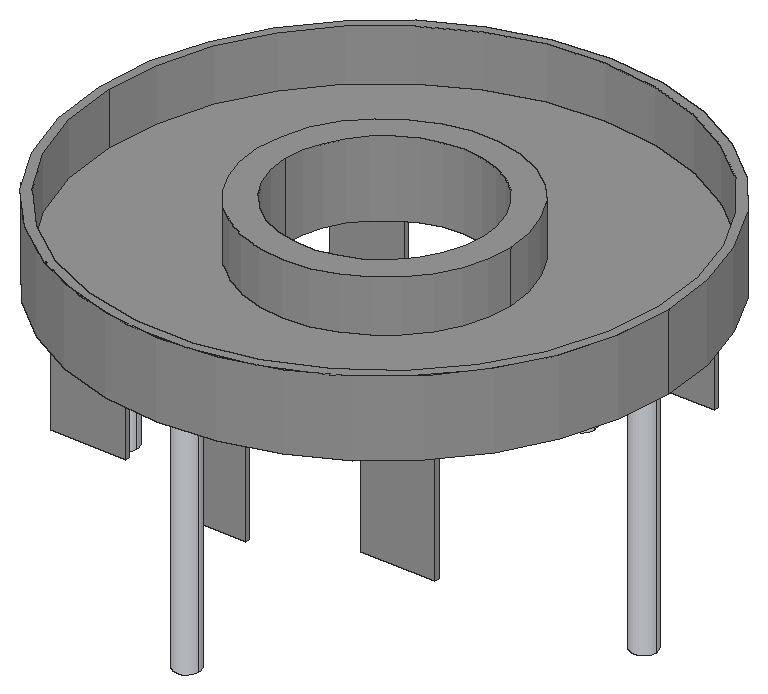
Revit family "Nivellierbare Kassette für Tubus, RKFR, 20-25, 7", category Generic Models, Revit 2015
Parameters (values of type "RKFR2 7 V25")
  URL = "http://www.obo-bettermann.com"
  Material = Stainless Steel
  Manufacturer Art.No. = "7409428"
  Manufacturer = "OBO Bettermann"
  HeightCalc = if(Height < 110 mm, 110 mm, (if(Height > 155 mm, 155 mm, Height)))  # 150 mm
  Height 1 = 36.5 mm
  Height = 150 mm
  GTIN = "4012195869511"
  Diameter 1 = 265.6 mm
  Diameter = 274 mm
  Cut depth = 25 mm
  Article Type = "RKFR2 7 V25"
Types (3, lengths in mm): name | Material | Manufacturer Art.No. | GTIN | Cut depth | Article Type
  (no name) | Stainless Steel | "7409428" | "4012195869511" | 25 | "RKFR2 7 V25"
  RKFR2 7 V20 | Stainless Steel, Polished | "7409426" | "4012195869504" | 20 | "RKFR2 7 V20"
  RKFR2 7 V25 | Stainless Steel | "7409428" | "4012195869511" | 25 | "RKFR2 7 V25"
Reference planes
  plane 1 "Center (Front/Back)": y = 0
  plane 2: z = 0
  plane 3 "Center (Left/Right)": x = 0
  plane 4: z = 113.5
  plane 5: y = 99.5
  plane 6: y = -99.5
  plane 7: z = 150
  plane 8: z = 54.7
  plane 9: z = 125
Forms (mm)
  Extrusion 1, solid
    sketch origin (0, 0, 0) x (1, 0, 0) y (0, 1, 0)
      loop
        circle (0, 119) r 6
      loop
        circle (0, -119) r 6
      loop
        circle (-125, 0) r 6
      loop
        circle (125, 0) r 6
    from 0 to 113.5
  Extrusion 2, solid, material "Stainless Steel" <- "Material"
    sketch origin (0, 0, 0) x (1, 0, 0) y (0, 1, 0)
      loop
        line (56.5, 85) -> (56.5, 83) -> (92.5, 83) -> (92.5, 85) -> (56.5, 85)
      loop
        line (-92.5, 85) -> (-92.5, 83) -> (-56.5, 83) -> (-56.5, 85) -> (-92.5, 85)
      loop
        line (-18, 106) -> (-18, 104) -> (18, 104) -> (18, 106) -> (-18, 106)
      loop
        line (56.5, -83) -> (56.5, -85) -> (92.5, -85) -> (92.5, -83) -> (56.5, -83)
      loop
        line (-92.5, -83) -> (-92.5, -85) -> (-56.5, -85) -> (-56.5, -83) -> (-92.5, -83)
      loop
        line (-18, -104) -> (-18, -106) -> (18, -106) -> (18, -104) -> (-18, -104)
    from 54.7 to 113.5
  Extrusion 3, solid, material "Stainless Steel" <- "Material"
    sketch origin (0, 0, 0) x (1, 0, 0) y (0, 1, 0)
      loop
        circle (0, 0) r 137
    from 113.5 to 150
  Extrusion 4, void
    sketch origin (0, 0, 0) x (1, 0, 0) y (0, 1, 0)
      loop
        circle (0, 0) r 132.8
      loop
        circle (0, 0) r 61
    from 125 to 150
  Extrusion 5, void
    sketch origin (0, 0, 0) x (1, 0, 0) y (0, 1, 0)
      loop
        circle (0, 0) r 47.77
    from 113.5 to 150
Cuts and joins
  Extrusion 4 cuts Extrusion 1
  Extrusion 4 cuts Extrusion 2
  Extrusion 4, Extrusion 5 cuts Extrusion 3
Dimensions and locks
  "HeightCalc": plane 7 to level
  "Height 1": plane 7 to plane 4
  locked: plane 4 to plane 8 at 58.8
  "Cut depth": plane 7 to plane 9
  locked: plane 5 to plane 6 at 199
  equal spacing: plane 5, plane 1 "Center (Front/Back)", plane 6, locked at 99.5 each
  locked: plane 1 "Center (Front/Back)" to Extrusion 1 sketch curve at 119
  locked: Extrusion 1 sketch curve to plane 1 "Center (Front/Back)" at 119
  locked: Extrusion 1 sketch curve to plane 3 "Center (Left/Right)" at 125
  locked: plane 3 "Center (Left/Right)" to Extrusion 1 sketch curve at 125
  locked: Extrusion 2 sketch curve to Extrusion 2 sketch curve at 36  (x6)
  locked: Extrusion 2 sketch curve to Extrusion 2 sketch curve at 2  (x6)
  locked: Extrusion 2 sketch curve to Extrusion 2 sketch curve at 113  (x2)
  equal spacing: Extrusion 2 sketch curve, plane 3 "Center (Left/Right)", Extrusion 2 sketch curve, locked at 56.5 each  (x2)
  locked: Extrusion 2 sketch curve to plane 1 "Center (Front/Back)" at 83  (x2)
  equal spacing: Extrusion 2 sketch curve, plane 3 "Center (Left/Right)", Extrusion 2 sketch curve, locked at 18 each  (x2)
  locked: plane 1 "Center (Front/Back)" to Extrusion 2 sketch curve at 104
  locked: Extrusion 2 sketch curve to plane 1 "Center (Front/Back)" at 104
  "Diameter": diameter of Extrusion 3 sketch curve
  "Diameter 1": diameter of Extrusion 4 sketch curve
  diameter of Extrusion 1 sketch curve = 12 mm  (x4)
  diameter of Extrusion 4 sketch curve = 122 mm
  diameter of Extrusion 5 sketch curve = 95.54 mm
  aligned and locked: level to plane 2
  aligned and locked: plane 4 to Extrusion 1
  aligned and locked: Extrusion 1 to Extrusion 2
  aligned and locked: Extrusion 2 to plane 8
  aligned and locked: Extrusion 3 to Extrusion 1
  aligned and locked: plane 7 to Extrusion 3
  aligned and locked: cut or joined group of Extrusion 3, Extrusion 4, Extrusion 5 to Extrusion 4
  aligned and locked: Extrusion 4 to plane 9
  aligned and locked: Extrusion 2 sketch curve to Extrusion 2 sketch curve  (x2)
  aligned and locked: Extrusion 3 to Extrusion 5  (x2)
Automatic sketch dimensions
  Extrusion 1 sketch curve to plane 3 "Center (Left/Right)" = 0 mm  (x2)
  plane 1 "Center (Front/Back)" to Extrusion 1 sketch curve = 0 mm  (x2)
  plane 1 "Center (Front/Back)" to Extrusion 3 sketch curve = 0 mm
  Extrusion 3 sketch curve to plane 3 "Center (Left/Right)" = 0 mm
  Extrusion 4 sketch curve to Extrusion 4 sketch curve = 0 mm  (x2)
  plane 1 "Center (Front/Back)" to Extrusion 4 sketch curve = 0 mm
  Extrusion 4 sketch curve to plane 3 "Center (Left/Right)" = 0 mm
  plane 1 "Center (Front/Back)" to Extrusion 5 sketch curve = 0 mm
  Extrusion 5 sketch curve to plane 3 "Center (Left/Right)" = 0 mm
